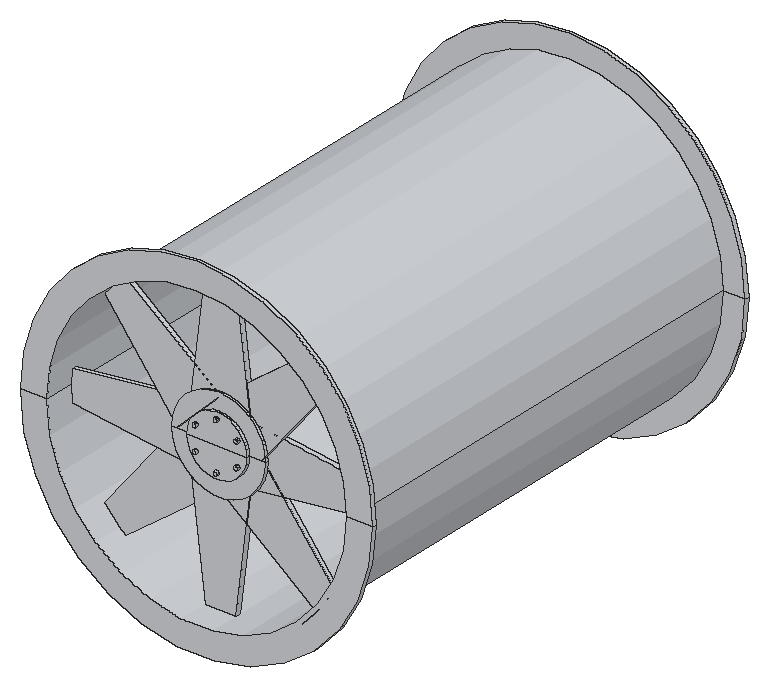
Revit family "CADS_Vent-Axia_MechEquip_Fan_BIFA_400_1Ph4P - EXTRACT", category Mechanical Equipment, Revit 2020
Family settings
  Round Connector Dimension = Use Diameter
  Part Type = Normal
  OmniClass Number = 23.75.00.00
  OmniClass Title = Climate Control (HVAC)
  Work Plane-Based = No
  Always vertical = Yes
  Cut with Voids When Loaded = No
  Shared = No
  Room Calculation Point = No
Parameters (values of type "BIFA401440")
  WorkingPressure = 0.0 Pa
  WarrantyStartDate [instance] = "1900-12-31T23:59:59"
  WarrantyPeriod = ""
  WarrantyIdentifier = "N/A"
  WarrantyGuarantorParts = "tech@vent-axia.com"
  WarrantyGuarantorLabor = "tech@vent-axia.com"
  WarrantyGuarantor = "Vent-Axia Limited"
  WarrantyEndDate [instance] = "1900-12-31T23:59:59"
  WarrantyContent = ""
  TemperatureRange = ""
  TagNumber [instance] = "N/A"
  SustainabilityPerformance = ""
  Status = "New"
  Size = ""
  Shape = ""
  ServiceLifeType = ""
  ServiceLifeDuration = ""
  SerialNumber [instance] = "N/A"
  ReplacementCost = ""
  RatedVoltage = 0 V
  RatedCurrent = 0 A
  Quantity = 1
  ProductionYear = ""
  PressureCurve = ""
  PowerFactor = ""
  PointOfContact = ""
  NumberOfPoles = 0
  NominalWidth = 400 mm
  NominalLength = 625 mm
  NominalHeight = 400 mm
  NominalFrequencyRange = ""
  NominalDiameter = 400 mm
  ModelReference = "BIF 400MM 1PH 4P 40DEG"
  ModelNumber = "BIFA401440"
  Material = ""
  ManufacturerE-Mail = "tech@vent-axia.com"
  ManufacturerAddress = "Fleming Way\nCrawley \nRH10 9YX"
  IsExtendedWarranty = no
  InsulationStandardClass = ""
  InstallationDate [instance] = "1900-12-31T23:59:59"
  IfcExportType [instance] = ""
  IfcExportAs = "IfcFanType"
  IP_Code = ""
  HasProtectiveEarth = no
  GrossWeight = 0.00 kg
  Grade = ""
  GlobalTradeItemNumber [instance] = "N/A"
  Fitting Type = "Ignore"
  Finish = ""
  Features = ""
  ExteriorInsulation = no
  ExpectedServiceLife = 0
  Exclusions = ""
  DurationUnit = "Year"
  Default Elevation = 0 mm
  Constituents = ""
  ConductorFunction = ""
  Color = ""
  CodePerformance = ""
  Category = ""
  CADS_Usage = 0
  CADS_Index = 0
  AssetType = "FIXED"
  AssetIdentifier [instance] = "N/A"
  AssemblyPlace = "UNKNOWN"
  ArticleNumber [instance] = "N/A"
  AirflowRateRange = 0.0 L/s
  Air Flow [instance] = 0.0 L/s
  AccessibilityPerformance = ""
Types (16, lengths in mm): name | ModelReference | ModelNumber
  BIFA401410 | "BIF 400MM 1PH 4P 10DEG" | "BIFA401410"
  BIFA401412 | "BIF 400MM 1PH 4P 12DEG" | "BIFA401412"
  BIFA401414 | "BIF 400MM 1PH 4P 14DEG" | "BIFA401414"
  BIFA401416 | "BIF 400MM 1PH 4P 16DEG" | "BIFA401416"
  BIFA401418 | "BIF 400MM 1PH 4P 18DEG" | "BIFA401418"
  BIFA401420 | "BIF 400MM 1PH 4P 20DEG" | "BIFA401420"
  BIFA401422 | "BIF 400MM 1PH 4P 22DEG" | "BIFA401422"
  BIFA401424 | "BIF 400MM 1PH 4P 24DEG" | "BIFA401424"
  BIFA401426 | "BIF 400MM 1PH 4P 26DEG" | "BIFA401426"
  BIFA401428 | "BIF 400MM 1PH 4P 28DEG" | "BIFA401428"
  BIFA401430 | "BIF 400MM 1PH 4P 30DEG" | "BIFA401430"
  BIFA401432 | "BIF 400MM 1PH 4P 32DEG" | "BIFA401432"
  BIFA401434 | "BIF 400MM 1PH 4P 34DEG" | "BIFA401434"
  BIFA401436 | "BIF 400MM 1PH 4P 36DEG" | "BIFA401436"
  BIFA401438 | "BIF 400MM 1PH 4P 38DEG" | "BIFA401438"
  BIFA401440 | "BIF 400MM 1PH 4P 40DEG" | "BIFA401440"
Reference planes
  plane 1 "Center (Front/Back)": y = 0
  plane 2: z = 0
  plane 3 "Center (Left/Right)": x = 0
  plane 4: x = -200
  plane 5: x = 200
  plane 6 "F": y = -312.5
  plane 7 "B": y = 312.5
  plane 8: x = -235
  plane 9: y = 307.5
  plane 10: y = -307.5
  plane 11: x = -205
  plane 12: y = -272.5
Forms (mm)
  Revolve 1, solid
    sketch origin (0, 0, 0) x (1, 0, 0) y (0, 1, 0)
      loop
        line (-235, -312.5) -> (-200, -312.5) -> (-200, 312.5) -> (-235, 312.5) -> (-235, 307.5) -> (-205, 307.5) -> (-205, -307.5) -> (-235, -307.5) -> (-235, -312.5)
      axis (0, 312.5) -> (0, -312.5)
    angle from 0 to 360
Dimensions and locks
  equal spacing: plane 4, plane 3 "Center (Left/Right)", plane 5
  equal spacing: plane 7 "B", plane 1 "Center (Front/Back)", plane 6 "F"
  "NominalLength": plane 7 "B" to plane 6 "F"
  "NominalDiameter": plane 4 to plane 5
  locked: plane 11 to plane 4 at 5
  locked: plane 8 to plane 11 at 30
  locked: plane 6 "F" to plane 10 at 5
  locked: plane 7 "B" to plane 9 at 5
  locked: plane 6 "F" to plane 12 at 40
  aligned and locked: level to plane 2
  aligned and locked: nested 1 to plane 12
Automatic sketch dimensions
  plane 6 "F" to Revolve 1 sketch curve = 0 mm
  Revolve 1 sketch curve to plane 8 = 0 mm  (x2)
  plane 10 to Revolve 1 sketch curve = 0 mm
  Revolve 1 sketch curve to plane 11 = 0 mm
  Revolve 1 sketch curve to plane 4 = 0 mm
  Revolve 1 sketch curve to plane 3 "Center (Left/Right)" = 0 mm
  plane 1 "Center (Front/Back)" to Revolve 1 sketch curve = 0 mm
  Revolve 1 sketch curve to plane 9 = 0 mm
  Revolve 1 sketch curve to plane 7 "B" = 0 mm
  plane 6 "F" to Revolve 1 sketch curve = 115 mm
Nested families
  nested 1: "Fan for BIFA" at (0, -272.5, 0), ND <- "NominalDiameter", type "Fan for BIFA"
    with hub 40 mm, ND 400 mm, BoltPCD 32 mm, Bolt Count 6, B_Diam 5 mm
  nested 2: "Bolts" at (27.713, -281.672, -16) x (-0.5, 0, -0.866) z (0, 1, 0), type "Bolts"
    with bd 5 mm
  nested 3: "Bolts" at (0, -281.672, -32) x (-1, 0, 0) z (0, 1, 0), type "Bolts"
    with bd 5 mm
  nested 4: "Bolts" at (-27.713, -281.672, -16) x (-0.5, 0, 0.866) z (0, 1, 0), type "Bolts"
    with bd 5 mm
  nested 5: "Bolts" at (-27.713, -281.672, 16) x (0.5, 0, 0.866) z (0, 1, 0), type "Bolts"
    with bd 5 mm
  nested 6: "Bolts" at (27.713, -281.672, 16) x (0.5, 0, -0.866) z (0, 1, 0), type "Bolts"
    with bd 5 mm
  nested 7: "Bolts" at (0, -281.672, 32) x (1, 0, 0) z (0, 1, 0), type "Bolts"
    with bd 5 mm
  nested 8: "BIFA Blade" at (0, -272.5, 0), type "BIFA Blade"
    with a 20.00°, HR 40 mm, HD 80 mm, BT 40 mm, BR 160 mm, BH 40 mm, BD 400 mm, BB 80 mm
  nested 9: "BIFA Blade" at (0, -272.5, 0) x (0.7071, 0, -0.7071) z (0.7071, 0, 0.7071), type "BIFA Blade"
    with a 20.00°, HR 40 mm, HD 80 mm, BT 40 mm, BR 160 mm, BH 40 mm, BD 400 mm, BB 80 mm
  nested 10: "BIFA Blade" at (0, -272.5, 0) x (0, 0, -1) z (1, 0, 0), type "BIFA Blade"
    with a 20.00°, HR 40 mm, HD 80 mm, BT 40 mm, BR 160 mm, BH 40 mm, BD 400 mm, BB 80 mm
  nested 11: "BIFA Blade" at (0, -272.5, 0) x (-0.7071, 0, -0.7071) z (0.7071, 0, -0.7071), type "BIFA Blade"
    with a 20.00°, HR 40 mm, HD 80 mm, BT 40 mm, BR 160 mm, BH 40 mm, BD 400 mm, BB 80 mm
  nested 12: "BIFA Blade" at (0, -272.5, 0) x (-1, 0, 0) z (0, 0, -1), type "BIFA Blade"
    with a 20.00°, HR 40 mm, HD 80 mm, BT 40 mm, BR 160 mm, BH 40 mm, BD 400 mm, BB 80 mm
  nested 13: "BIFA Blade" at (0, -272.5, 0) x (-0.7071, 0, -0.7071) z (-0.7071, 0, 0.7071), type "BIFA Blade"
    with a 20.00°, HR 40 mm, HD 80 mm, BT 40 mm, BR 160 mm, BH 40 mm, BD 400 mm, BB 80 mm
  nested 14: "BIFA Blade" at (0, -272.5, 0) x (0, 0, -1) z (-1, 0, 0), type "BIFA Blade"
    with a 20.00°, HR 40 mm, HD 80 mm, BT 40 mm, BR 160 mm, BH 40 mm, BD 400 mm, BB 80 mm
  nested 15: "BIFA Blade" at (0, -272.5, 0) x (0.7071, 0, -0.7071) z (-0.7071, 0, -0.7071), type "BIFA Blade"
    with a 20.00°, HR 40 mm, HD 80 mm, BT 40 mm, BR 160 mm, BH 40 mm, BD 400 mm, BB 80 mm
Connectors
  hvac at (0, -312.5, 0), driven by "NominalDiameter", driven by "Air Flow"
    settings: on Revolve 1, index 1, duct flow 0.0 L/s, flow factor 0, pres drop 0.0 Pa, loss coef 0, conn angle 0.00°, conn width 304.8 mm, conn height 304.8 mm, conn diameter 400 mm, duct sys type 2, conn prof type 0, flow config 0, flow direction 1, loss method 0, conn ref index -1, conn util no, is conn primary yes, conn desc ""
  hvac at (0, 312.5, 0), driven by "NominalDiameter", driven by "Air Flow"
    settings: on Revolve 1, index 2, duct flow 0.0 L/s, flow factor 0, pres drop 0.0 Pa, loss coef 0, conn angle 0.00°, conn width 304.8 mm, conn height 304.8 mm, conn diameter 400 mm, duct sys type 3, conn prof type 0, flow config 1, flow direction 2, loss method 0, conn ref index -1, conn util no, is conn primary no, conn desc ""
Definition of nested family "Fan for BIFA"
  Parameters (values of type "Fan for BIFA")
    hub [instance] = ND / 10  # 50 mm
    ND [instance] = 500 mm
    Model = "."
    Default Elevation = 0 mm
    BoltPCD [instance] = hub - (hub * 0.2)  # 40 mm
    Bolt Count [instance] = if(hub < 50 mm, 6, 8)  # 8
    B_Diam [instance] = if(hub < 50 mm, 5 mm, 10 mm)  # 10 mm
  Reference planes
    plane 1 "Center (Front/Back)": y = 0
    plane 2: z = 0
    plane 3 "Center (Left/Right)": x = 0
    plane 4 "back": y = 20
    plane 5 "bolts": y = -9.172
    plane 6 "B": z = 50
    plane 7: x = -72.587
    plane 8: x = -50
    plane 9 "hubface": y = -6.172
  Forms (mm)
    Revolve 1, solid
      sketch origin (0, 0, 0) x (1, 0, 0) y (0, 1, 0)
        loop
          line (0, 20) -> (-50, 20) -> (-50, 10.504) -> (-72.587, 10.504) -> (-72.587, -2.597) -> (-50, -2.597) -> (-50, -6.172) -> (0, -6.172) -> (0, 20)
        axis (0, 20) -> (0, -6.172)
      angle from 0 to 360
    Extrusion 2, solid, not visible
      sketch origin (0, -6.347, -4) x (-1, 0, 0) y (0, 0, 1)
        loop
          circle (0, 84) r 5
      from 0 to 3
  Lines and regions (mm)
    symbolic lines
      curve 1: circle (0, -9.172, 0) r 40 normal (0, 1, 0)
    model lines, not visible
      curve 2: line (0, -6.347, 85) -> (0, -6.347, 75)
  Dimensions and locks
    "hub": plane 6 "B" to plane 2
    "hub": nested 3 to plane 3 "Center (Left/Right)"
    "hub": nested 4 to plane 3 "Center (Left/Right)"
    "hub": nested 5 to plane 3 "Center (Left/Right)"
    "hub": plane 3 "Center (Left/Right)" to nested 6
    "hub": Revolve 1 sketch curve to Revolve 1 sketch curve
    "hub": plane 3 "Center (Left/Right)" to nested 7
    "hub": plane 3 "Center (Left/Right)" to nested 8
    "hub": plane 3 "Center (Left/Right)" to nested 9
    "hub": plane 8 to plane 3 "Center (Left/Right)"
    plane 7 to plane 8 = 22.587 mm
    diameter of Extrusion 2 sketch curve = 10 mm
    "BoltPCD": radius of curve 1
    "BoltPCD": radius of radial array
    aligned and locked: level to plane 2
    aligned and locked: plane 6 "B" to nested 1
  Automatic sketch dimensions
    Revolve 1 sketch curve to plane 7 = 0 mm
    Revolve 1 sketch curve to plane 8 = 0 mm  (x2)
    Revolve 1 sketch curve to plane 3 "Center (Left/Right)" = 0 mm
    Revolve 1 sketch curve to plane 9 "hubface" = 0 mm
    plane 4 "back" to Revolve 1 sketch curve = 0 mm
    plane 1 "Center (Front/Back)" to Revolve 1 sketch curve = 2.597 mm
    plane 4 "back" to Revolve 1 sketch curve = 9.496 mm
    plane 4 "back" to Revolve 1 sketch curve = 5 mm
    Revolve 1 sketch curve to Revolve 1 sketch curve = 45 mm
    curve 1 to level = 0 mm
    curve 1 to plane 3 "Center (Left/Right)" = 0 mm
  Nested families
    nested 1: "BIFA Blade" at (0, 0, 25), BD <- "ND", HD <- "hub", type "BIFA Blade"
      with a 20.00°, HR 25 mm, HD 50 mm, BT 25 mm, BR 100 mm, BH 40 mm, BD 250 mm, BB 50 mm
    nested 2: "BIFA Blade" at (0, 0, 55), BD <- "ND", HD <- "hub", type "BIFA Blade", not visible
      with a 20.00°, HR 25 mm, HD 50 mm, BT 25 mm, BR 100 mm, BH 40 mm, BD 250 mm, BB 50 mm
    nested 3: "BIFA Blade" at (17.678, 0, 17.678) x (0.7071, 0, -0.7071) z (0.7071, 0, 0.7071), BD <- "ND", HD <- "hub", type "BIFA Blade"
      with a 20.00°, HR 25 mm, HD 50 mm, BT 25 mm, BR 100 mm, BH 40 mm, BD 250 mm, BB 50 mm
    nested 4: "BIFA Blade" at (25, 0, 0) x (0, 0, -1) z (1, 0, 0), BD <- "ND", HD <- "hub", type "BIFA Blade"
      with a 20.00°, HR 25 mm, HD 50 mm, BT 25 mm, BR 100 mm, BH 40 mm, BD 250 mm, BB 50 mm
    nested 5: "BIFA Blade" at (17.678, 0, -17.678) x (-0.7071, 0, -0.7071) z (0.7071, 0, -0.7071), BD <- "ND", HD <- "hub", type "BIFA Blade"
      with a 20.00°, HR 25 mm, HD 50 mm, BT 25 mm, BR 100 mm, BH 40 mm, BD 250 mm, BB 50 mm
    nested 6: "BIFA Blade" at (0, 0, -25) x (-1, 0, 0) z (0, 0, -1), BD <- "ND", HD <- "hub", type "BIFA Blade"
      with a 20.00°, HR 25 mm, HD 50 mm, BT 25 mm, BR 100 mm, BH 40 mm, BD 250 mm, BB 50 mm
    nested 7: "BIFA Blade" at (-17.678, 0, 17.678) x (-0.7071, 0, -0.7071) z (-0.7071, 0, 0.7071), BD <- "ND", HD <- "hub", type "BIFA Blade"
      with a 20.00°, HR 25 mm, HD 50 mm, BT 25 mm, BR 100 mm, BH 40 mm, BD 250 mm, BB 50 mm
    nested 8: "BIFA Blade" at (-25, 0, 0) x (0, 0, -1) z (-1, 0, 0), BD <- "ND", HD <- "hub", type "BIFA Blade"
      with a 20.00°, HR 25 mm, HD 50 mm, BT 25 mm, BR 100 mm, BH 40 mm, BD 250 mm, BB 50 mm
    nested 9: "BIFA Blade" at (-17.678, 0, -17.678) x (0.7071, 0, -0.7071) z (-0.7071, 0, -0.7071), BD <- "ND", HD <- "hub", type "BIFA Blade"
      with a 20.00°, HR 25 mm, HD 50 mm, BT 25 mm, BR 100 mm, BH 40 mm, BD 250 mm, BB 50 mm
    nested 10: "Bolts" at (0, -9.172, 40) x (1, 0, 0) z (0, 1, 0), bd <- "B_Diam", type "Bolts"
      with bd 10 mm
    nested 11: "Bolts" at (28.284, -9.172, 28.284) x (0.7071, 0, -0.7071) z (0, 1, 0), bd <- "B_Diam", type "Bolts"
      with bd 10 mm
    nested 12: "Bolts" at (-28.284, -9.172, 28.284) x (0.7071, 0, 0.7071) z (0, 1, 0), bd <- "B_Diam", type "Bolts"
      with bd 10 mm
    nested 13: "Bolts" at (-40, -9.172, 0) x (0, 0, 1) z (0, 1, 0), bd <- "B_Diam", type "Bolts"
      with bd 10 mm
    nested 14: "Bolts" at (-28.284, -9.172, -28.284) x (-0.7071, 0, 0.7071) z (0, 1, 0), bd <- "B_Diam", type "Bolts"
      with bd 10 mm
    nested 15: "Bolts" at (0, -9.172, -40) x (-1, 0, 0) z (0, 1, 0), bd <- "B_Diam", type "Bolts"
      with bd 10 mm
    nested 16: "Bolts" at (28.284, -9.172, -28.284) x (-0.7071, 0, -0.7071) z (0, 1, 0), bd <- "B_Diam", type "Bolts"
      with bd 10 mm
    nested 17: "Bolts" at (40, -9.172, 0) x (0, 0, -1) z (0, 1, 0), bd <- "B_Diam", type "Bolts"
      with bd 10 mm
  Definition of nested family "BIFA Blade"
    Parameters (values of type "BIFA Blade")
      a [instance] = 20.00°
      HR [instance] = HD / 2  # 30 mm
      HD [instance] = BD / 5  # 60 mm
      Default Elevation = 1219.2 mm
      BT [instance] = BD / 10  # 30 mm
      BR [instance] = (BD / 2) - HR  # 120 mm
      BH [instance] = 40 mm
      BD [instance] = 300 mm
      BB [instance] = BD / 5  # 60 mm
    Reference planes
      plane 1 "Center (Front/Back)": y = 0
      plane 2: z = 0
      plane 3 "Center (Left/Right)": x = 0
      plane 4 "Blade Bot": z = 30
      plane 5: x = -30
      plane 6: x = 30
      plane 7: x = -15
      plane 8: x = 15
    Forms (mm)
      Blend 1, solid
        base sketch origin (0, 0, 30) x (-1, 0, 0) y (0, -1, 0)
          loop
            line (30, 0) -> (-30, 0) -> (-30, -6) -> (30, -6) -> (30, 0)
        top sketch origin (0, 0, 30) x (-1, 0, 0) y (0, -1, 0)
          loop
            line (15, -6) -> (15, 0) -> (-15, 0) -> (-15, -6) -> (15, -6)
        from 0 to 120 <- "BR"
    Dimensions and locks
      "HR": plane 4 "Blade Bot" to level
      equal spacing: plane 8, plane 3 "Center (Left/Right)", plane 7
      "BT": plane 8 to plane 7
      equal spacing: plane 6, plane 3 "Center (Left/Right)", plane 5
      "BB": plane 6 to plane 5
      aligned and locked: level to plane 2
    Automatic sketch dimensions
      plane 1 "Center (Front/Back)" to Blend 1 sketch curve = 0 mm  (x2)
      Blend 1 sketch curve to plane 6 = 0 mm
      Blend 1 sketch curve to plane 5 = 0 mm
      Blend 1 sketch curve to plane 1 "Center (Front/Back)" = 6 mm  (x2)
      Blend 1 sketch curve to plane 8 = 0 mm
      Blend 1 sketch curve to plane 7 = 0 mm
  Definition of nested family "Bolts"
    Parameters
      bd [instance] = 10 mm
      Default Elevation = 1219.2 mm
    Reference planes
      plane 1 "Center (Front/Back)": y = 0
      plane 2: z = 0
      plane 3 "Center (Left/Right)": x = 0
    Forms (mm)
      Extrusion 1, solid
        sketch origin (0, 0, 0) x (1, 0, 0) y (0, 1, 0)
          loop
            line (-1219.2, 1219.2) -> (-1219.2, -1219.2) -> (1219.2, -1219.2) -> (1219.2, 1219.2) -> (-1219.2, 1219.2)
        from 0 to -304.8
      Extrusion 2, solid
        sketch origin (0, 0, 0) x (1, 0, 0) y (0, 1, 0)
          loop
            circle (0, 0) r 5
        from 0 to 3
    Dimensions and locks
      "bd": diameter of Extrusion 2 sketch curve
      aligned and locked: plane 2 to Extrusion 1
      aligned and locked: level to Extrusion 1
    Automatic sketch dimensions
      Extrusion 1 sketch curve to Extrusion 1 sketch curve = 2438.4 mm  (x2)
      plane 1 "Center (Front/Back)" to Extrusion 2 sketch curve = 0 mm
      Extrusion 2 sketch curve to plane 3 "Center (Left/Right)" = 0 mm
Definition of nested family "Bolts"
  Parameters
    bd [instance] = 10 mm
    Default Elevation = 1219.2 mm
  Reference planes
    plane 1 "Center (Front/Back)": y = 0
    plane 2: z = 0
    plane 3 "Center (Left/Right)": x = 0
  Forms (mm)
    Extrusion 1, solid
      sketch origin (0, 0, 0) x (1, 0, 0) y (0, 1, 0)
        loop
          line (-1219.2, 1219.2) -> (-1219.2, -1219.2) -> (1219.2, -1219.2) -> (1219.2, 1219.2) -> (-1219.2, 1219.2)
      from 0 to -304.8
    Extrusion 2, solid
      sketch origin (0, 0, 0) x (1, 0, 0) y (0, 1, 0)
        loop
          circle (0, 0) r 5
      from 0 to 3
  Dimensions and locks
    "bd": diameter of Extrusion 2 sketch curve
    aligned and locked: plane 2 to Extrusion 1
    aligned and locked: level to Extrusion 1
  Automatic sketch dimensions
    Extrusion 1 sketch curve to Extrusion 1 sketch curve = 2438.4 mm  (x2)
    plane 1 "Center (Front/Back)" to Extrusion 2 sketch curve = 0 mm
    Extrusion 2 sketch curve to plane 3 "Center (Left/Right)" = 0 mm
Definition of nested family "BIFA Blade"
  Parameters (values of type "BIFA Blade")
    a [instance] = 20.00°
    HR [instance] = HD / 2  # 30 mm
    HD [instance] = BD / 5  # 60 mm
    Default Elevation = 1219.2 mm
    BT [instance] = BD / 10  # 30 mm
    BR [instance] = (BD / 2) - HR  # 120 mm
    BH [instance] = 40 mm
    BD [instance] = 300 mm
    BB [instance] = BD / 5  # 60 mm
  Reference planes
    plane 1 "Center (Front/Back)": y = 0
    plane 2: z = 0
    plane 3 "Center (Left/Right)": x = 0
    plane 4 "Blade Bot": z = 30
    plane 5: x = -30
    plane 6: x = 30
    plane 7: x = -15
    plane 8: x = 15
  Forms (mm)
    Blend 1, solid
      base sketch origin (0, 0, 30) x (-1, 0, 0) y (0, -1, 0)
        loop
          line (30, 0) -> (-30, 0) -> (-30, -6) -> (30, -6) -> (30, 0)
      top sketch origin (0, 0, 30) x (-1, 0, 0) y (0, -1, 0)
        loop
          line (15, -6) -> (15, 0) -> (-15, 0) -> (-15, -6) -> (15, -6)
      from 0 to 120 <- "BR"
  Dimensions and locks
    "HR": plane 4 "Blade Bot" to level
    equal spacing: plane 8, plane 3 "Center (Left/Right)", plane 7
    "BT": plane 8 to plane 7
    equal spacing: plane 6, plane 3 "Center (Left/Right)", plane 5
    "BB": plane 6 to plane 5
    aligned and locked: level to plane 2
  Automatic sketch dimensions
    plane 1 "Center (Front/Back)" to Blend 1 sketch curve = 0 mm  (x2)
    Blend 1 sketch curve to plane 6 = 0 mm
    Blend 1 sketch curve to plane 5 = 0 mm
    Blend 1 sketch curve to plane 1 "Center (Front/Back)" = 6 mm  (x2)
    Blend 1 sketch curve to plane 8 = 0 mm
    Blend 1 sketch curve to plane 7 = 0 mm
